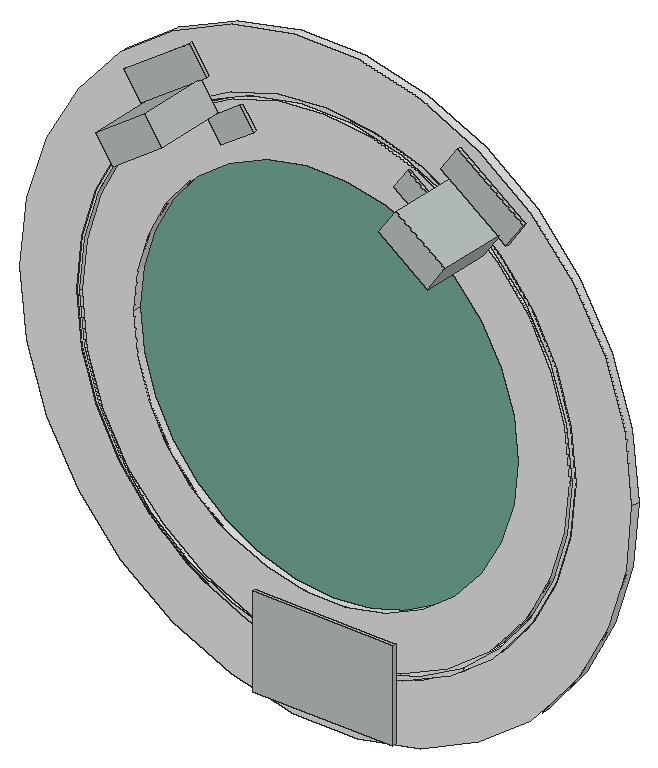
Revit family "AluStar Rondo", category HLS-Bauteile, Revit 2018
Family settings
  Basisbauteil = Wand
  Bemaßung runder Anschluss = Durchmesser verwenden
  Teiletyp = Normal
  Immer vertikal = Ja
  Beim Laden mit Abzugskörper schneiden = Nein
  Gemeinsam genutzt = Nein
  Raumberechnungspunkt = Nein
Parameters (values of type "Gipskarton12.5 - D250")
  Wandbreite [instance] = 100.0 mm
  Vh = 0.5 * (Bz - B3)  # 21.5 mm
  Vb = 0.5 * (Bz - B3)  # 21.5 mm
  T_plate = 1.5 mm
  T2 = 39.0 mm
  Rohbauöffnung = yes
  HAN = "21378"
  Din = 2 * B1 - B3  # 193.0 mm
  Di = B5 - T_plate  # 242.5 mm
  Binner = 0.5 * (B3 - B1)  # 28.5 mm
  BLock = B4 / 2  # 123.5 mm
  B5 = 244.0 mm
  B4 = 247.0 mm
  Bz = 350.0 mm
  B2_min = B + 2.0 mm  # 252.0 mm
  B2_Max = B + 17.0 mm  # 267.0 mm
  B = 250.0 mm
  B3 = 307.0 mm
  B1 = 250.0 mm
  T1 = 13.5 mm
Types (6, lengths in mm): name | Wandbreite | Vh | Vb | HAN | Din | Di | Binner | BLock | B5 | B4 | Bz | B2_min | B2_Max | B | B3 | B1
  Gipskarton12.5 - D200 | 100.0 | 21.5 | 21.5 | "21377" | 143.0 | 192.5 | 28.5 | 98.5 | 194.0 | 197.0 | 300.0 | 202.0 | 217.0 | 200.0 | 257.0 | 200.0
  Gipskarton12.5 - D300 | 100.0 | 21.5 | 21.5 | "21379" | 243.0 | 292.5 | 28.5 | 148.5 | 294.0 | 297.0 | 400.0 | 302.0 | 317.0 | 300.0 | 357.0 | 300.0
  Gipskarton12.5 - D400 | 100.0 | 21.5 | 21.5 | "21380" | 343.0 | 392.5 | 28.5 | 198.5 | 394.0 | 397.0 | 500.0 | 402.0 | 417.0 | 400.0 | 457.0 | 400.0
  Gipskarton12.5 - D500 | 300.0 | 28.0 | 28.0 | "21381" | 444.0 | 484.5 | 25.0 | 244.0 | 486.0 | 488.0 | 600.0 | 502.0 | 517.0 | 500.0 | 544.0 | 494.0
  Gipskarton12.5 - D600 | 300.0 | 21.5 | 21.5 | "21382" | 543.0 | 592.5 | 28.5 | 298.5 | 594.0 | 597.0 | 700.0 | 602.0 | 617.0 | 600.0 | 657.0 | 600.0
  Gipskarton12.5 - D250 | 100.0 | 21.5 | 21.5 | "21378" | 193.0 | 242.5 | 28.5 | 123.5 | 244.0 | 247.0 | 350.0 | 252.0 | 267.0 | 250.0 | 307.0 | 250.0
Reference planes
  plane 1 "Wand": y = 0
  plane 2 "Mitte (Links/rechts)": x = 125
  plane 3 "Hinten": y = 50
  plane 4: z = 1650
  plane 5 "Vorne": y = -50
  plane 6: y = 50
  plane 7: y = 36.5
  plane 8: y = -2.5
  plane 9: y = 32.5
  plane 10: y = 30.5
  plane 11: z = 1526.5
  plane 12: through (13.432, 0, 1722.645) normal (-0.5736, 0, 0.8192)
  plane 13: through (125, 0, 1650) normal (-0.5736, 0, 0.8192)
  plane 14: through (125, 0, 1650) normal (-0.8192, 0, -0.5736)
  plane 15: through (236.568, 0, 1722.645) normal (-0.5736, 0, -0.8192)
  plane 16: through (125, 0, 1650) normal (-0.5736, 0, -0.8192)
  plane 17: through (125, 0, 1650) normal (-0.8192, 0, 0.5736)
  plane 18: y = 31
Forms (mm)
  Extrusion 1, solid, material "WHITE", detail levels medium+fine
    sketch origin (0, 0, 0) x (1, 0, 0) y (0, 0, 1)
      loop
        circle (125, 1650) r 125
      loop
        circle (125, 1650) r 123.5
    from -50 to -32.5
  Extrusion 2, solid, material "WHITE", detail levels medium+fine
    sketch origin (0, 0, 0) x (1, 0, 0) y (0, 0, 1)
      loop
        circle (125, 1650) r 122
      loop
        circle (125, 1650) r 121.25
    from -50 to -36.5
  Extrusion 3, solid, material "WHITE", detail levels medium+fine
    sketch origin (0, 0, 0) x (1, 0, 0) y (0, 0, 1)
      loop
        circle (125, 1650) r 153.5
      loop
        circle (125, 1650) r 125
    from -36.5 to -32.5
  Extrusion 4, solid, material "WHITE", detail levels medium+fine
    sketch origin (0, 0, 0) x (1, 0, 0) y (0, 0, 1)
      loop
        circle (125, 1650) r 122
      loop
        circle (125, 1650) r 96.5
    from -36.5 to -32.5
  Extrusion 5, solid, material "BROWN", detail levels fine
    sketch origin (0, 0, 0) x (1, 0, 0) y (0, 0, 1)
      loop
        line (160, 1546.5) -> (90, 1546.5) -> (90, 1501.5) -> (160, 1501.5) -> (160, 1546.5)
    from -32.5 to -30.5
  Extrusion 6, solid, material "WHITE", detail levels coarse
    sketch origin (0, 0, 0) x (1, 0, 0) y (0, 0, 1)
      loop
        circle (125, 1650) r 153.5
    from -36.5 to 2.5
  Extrusion 7, solid, material "GREEN"
    sketch origin (0, 0, 0) x (1, 0, 0) y (0, 0, 1)
      loop
        circle (125, 1650) r 121.25
    from -50 to -36.5
  Extrusion 8, solid, material "BROWN", detail levels fine
    sketch origin (0, 0, 0) x (1, 0, 0) y (0, 0, 1)
      loop
        line (37.574, 1748.705) -> (46.178, 1736.418) -> (70.752, 1753.625) -> (62.149, 1765.913) -> (37.574, 1748.705)
      loop
        line (212.426, 1748.705) -> (187.851, 1765.913) -> (179.248, 1753.625) -> (203.822, 1736.418) -> (212.426, 1748.705)
    from -32.5 to 2.5
  Extrusion 9, solid, material "BROWN", detail levels fine
    sketch origin (0, 0, 0) x (1, 0, 0) y (0, 0, 1)
      loop
        line (66.252, 1768.785) -> (57.648, 1781.073) -> (24.882, 1758.13) -> (33.485, 1745.842) -> (66.252, 1768.785)
      loop
        line (83.04, 1762.229) -> (66.664, 1750.762) -> (73.547, 1740.932) -> (89.923, 1752.399) -> (83.04, 1762.229)
      loop
        line (183.748, 1768.785) -> (216.515, 1745.842) -> (225.118, 1758.13) -> (192.352, 1781.073) -> (183.748, 1768.785)
      loop
        line (166.96, 1762.229) -> (160.077, 1752.399) -> (176.453, 1740.932) -> (183.336, 1750.762) -> (166.96, 1762.229)
    from -32.5 to -31
Text (mm)
  text "Placement Side" at (-1848.837, 1116.779, 0), in view "Ref.-Ebene"
  text "Placement side" at (0, 1409.804, 2854.306), in view "Links"
  text "Placement side" at (0, 499.811, 2980.732), in view "Rechts"
Dimensions and locks
  locked: plane 3 "Hinten" to host wall
  "Wandbreite": plane 5 "Vorne" to plane 3 "Hinten"
  equal spacing: plane 5 "Vorne", host wall, plane 3 "Hinten"
  locked: plane 4 to level at 1650
  locked: plane 3 "Hinten" to plane 6 at 0
  "T1": plane 7 to plane 3 "Hinten"
  "T2": plane 7 to plane 8
  locked: plane 7 to plane 9 at 4
  locked: plane 9 to plane 10 at 2
  "BLock": plane 4 to plane 11
  locked: Extrusion 5 sketch curve to plane 2 "Mitte (Links/rechts)" at 35  (x2)
  locked: plane 11 to Extrusion 5 sketch curve at 25
  Extrusion 5 sketch curve to plane 11 = 20.0 mm
  "BLock": plane 12 to plane 13
  Extrusion 8 sketch curve to plane 14 to Extrusion 8 sketch curve = 15.0 mm locked, 15.0 mm locked
  Extrusion 8 sketch curve to plane 12 to Extrusion 8 sketch curve = 7.5 mm locked, 7.5 mm locked
  "BLock": plane 15 to plane 16
  Extrusion 8 sketch curve to plane 17 to Extrusion 8 sketch curve = 15.0 mm locked, 15.0 mm locked
  Extrusion 8 sketch curve to plane 15 to Extrusion 8 sketch curve = 7.5 mm locked, 7.5 mm locked
  locked: Extrusion 9 sketch curve to Extrusion 9 sketch curve at 15
  locked: Extrusion 9 sketch curve to Extrusion 8 at 5.009  (x2)
  locked: Extrusion 9 sketch curve to Extrusion 8 at 4.991  (x2)
  locked: Extrusion 8 to Extrusion 9 sketch curve at 4.991  (x2)
  locked: Extrusion 9 sketch curve to Extrusion 8 at 15  (x3)
  locked: Extrusion 9 sketch curve to Extrusion 8 at 12
  Extrusion 9 sketch curve to Extrusion 8 = 12.0 mm
  locked: plane 9 to plane 18 at 1.5
  "Di": diameter of Extrusion 7 sketch curve
  "B5": diameter of Extrusion 2 sketch curve
  "Di": diameter of Extrusion 2 sketch curve
  "B1": diameter of Extrusion 1 sketch curve
  "B4": diameter of Extrusion 1 sketch curve
  "B3": diameter of Extrusion 3 sketch curve
  "B1": diameter of Extrusion 3 sketch curve
  "Din": diameter of Extrusion 4 sketch curve
  "B5": diameter of Extrusion 4 sketch curve
  "B3": diameter of Extrusion 6 sketch curve
  locked: plane 13 to plane 2 "Mitte (Links/rechts)" (angle 55.00°)
  locked: plane 2 "Mitte (Links/rechts)" to plane 14 (angle 35.00°)
  locked: plane 2 "Mitte (Links/rechts)" to plane 16 (angle 55.00°)
  locked: plane 17 to plane 2 "Mitte (Links/rechts)" (angle 35.00°)
  aligned and locked: plane 1 "Wand" to host wall
  aligned and locked: plane 7 to Extrusion 3
  aligned and locked: Extrusion 3 to plane 9
  aligned and locked: host wall to Extrusion 1
  aligned and locked: host wall to Extrusion 2
  aligned and locked: Extrusion 3 to Extrusion 1
  aligned and locked: plane 7 to Extrusion 4
  aligned and locked: Extrusion 1 to Extrusion 4
  aligned and locked: Extrusion 5 to Extrusion 1
  aligned and locked: plane 10 to Extrusion 5
  aligned and locked: plane 7 to Extrusion 6
  aligned and locked: Extrusion 6 to plane 8
  aligned and locked: Extrusion 7 to plane 7
  aligned and locked: Extrusion 2 to plane 7
  aligned and locked: plane 4 to Extrusion 7 sketch curve
  aligned and locked: plane 2 "Mitte (Links/rechts)" to Extrusion 7 sketch curve
  aligned and locked: plane 4 to Extrusion 2 sketch curve  (x2)
  aligned and locked: plane 2 "Mitte (Links/rechts)" to Extrusion 2 sketch curve
  aligned and locked: plane 4 to Extrusion 1 sketch curve  (x2)
  aligned and locked: plane 2 "Mitte (Links/rechts)" to Extrusion 1 sketch curve  (x2)
  aligned and locked: plane 4 to Extrusion 3 sketch curve  (x2)
  aligned and locked: plane 2 "Mitte (Links/rechts)" to Extrusion 3 sketch curve  (x2)
  aligned and locked: plane 4 to Extrusion 4 sketch curve  (x2)
  aligned and locked: plane 2 "Mitte (Links/rechts)" to Extrusion 4 sketch curve  (x2)
  aligned and locked: plane 4 to Extrusion 6 sketch curve
  aligned and locked: host wall to Extrusion 7
  aligned and locked: Extrusion 8 to Extrusion 1
  aligned and locked: Extrusion 8 to plane 8
  aligned and locked: Extrusion 9 sketch curve to Extrusion 8  (x3)
  aligned and locked: Extrusion 8 to Extrusion 9 sketch curve
  aligned and locked: Extrusion 9 to Extrusion 1
  aligned and locked: Extrusion 9 to plane 18
  aligned and locked: Extrusion 9 to Extrusion 3
Automatic sketch dimensions
  Extrusion 2 sketch curve to Extrusion 2 sketch curve = 0.0 mm
  Extrusion 6 sketch curve to plane 2 "Mitte (Links/rechts)" = 0.0 mm
